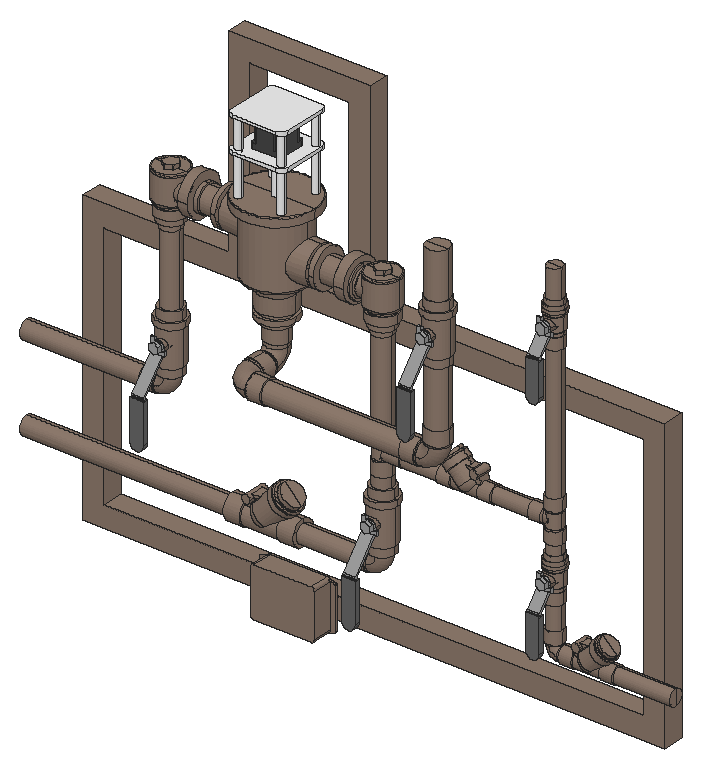
Revit family "Plumbing_Valves_Leonard-Valve_Proton-PNV-150-LF-R1", category Pipe Accessories, Revit 2018 (continued)
Definition of nested family "PNV-150-LF-R1"
  Lines and regions (in)
    model lines, detail levels coarse+medium
      curve 64: line (16.31591, -3.7, 8.93204) -> (14.43409, -3.7, 11.63905)
      curve 65: line (15.375, -3.7, 10.28555) -> (14.0205, -3.7, 10.28555)
      curve 66: line (14.0205, -3.7, 10.90916) -> (14.0205, -3.7, 9.65916)
      curve 67: line (16.31591, -3.7, 26.28758) -> (14.43553, -3.7, 26.28758)
      curve 68: line (14.43553, -3.7, 26.28758) -> (16.31735, -3.7, 28.99459)
      curve 69: line (16.31735, -3.7, 28.99459) -> (14.43409, -3.7, 28.99459)
      curve 70: line (16.31591, -3.7, 26.28758) -> (14.43409, -3.7, 28.99459)
      curve 71: line (15.375, -3.7, 27.64109) -> (14.0205, -3.7, 27.64109)
      curve 72: line (14.0205, -3.7, 28.26469) -> (14.0205, -3.7, 27.01469)
      curve 73: line (10.31591, -7.25, 25.09958) -> (8.43553, -7.25, 25.09958)
      curve 74: line (8.43553, -7.25, 25.09958) -> (10.31735, -7.25, 27.80659)
      curve 75: line (10.31735, -7.25, 27.80659) -> (8.43409, -7.25, 27.80659)
      curve 76: line (10.31591, -7.25, 25.09958) -> (8.43409, -7.25, 27.80659)
      curve 77: line (9.375, -7.25, 26.45308) -> (8.0205, -7.25, 26.45308)
      curve 78: line (8.0205, -7.25, 27.07669) -> (8.0205, -7.25, 25.82669)
      curve 79: line (7.56056, -3.7, 16.00148) -> (9.31204, -3.7, 14.25)
      curve 80: line (8.05908, -3.7, 16.5) -> (7.06204, -3.7, 15.50296)
      curve 81: line (19.53444, -3.7, 7.00148) -> (17.78296, -3.7, 5.25)
      curve 82: line (19.03592, -3.7, 7.5) -> (20.03296, -3.7, 6.50296)
      curve 83: line (-4.40806, -3.7, 8.87648) -> (-6.78454, -3.7, 6.5)
      curve 84: line (-5.03158, -3.7, 9.5) -> (-3.78454, -3.7, 8.25296)
      curve 85: line (-14.9795, -3.7, 13.75) -> (-14.9795, -3.7, 12.32425)
      curve 86: line (-14.51162, -3.7, 14.41692) -> (-12.76162, -3.7, 14.41692)
      curve 87: line (-8.38669, -3.7, 7.398) -> (-8.38669, -3.7, 5.648)
      curve 88: line (-4.25, -3.7, 7.398) -> (-4.25, -3.7, 5.648)
      curve 89: line (0.96116, -3.7, 7.19494) -> (0.96116, -3.7, 5.81641)
      curve 90: line (1.54047, -3.7, 7.88689) -> (3.22475, -3.7, 7.88689)
      curve 91: line (1.71549, -3.7, 15.31233) -> (2.96549, -3.7, 15.31233)
      curve 92: line (1.71549, -3.7, 13.17831) -> (2.96549, -3.7, 13.17831)
      curve 93: line (3.3798, -3.7, 14.76431) -> (3.3798, -3.7, 13.76431)
      curve 94: line (7.20745, -3.7, 14.82023) -> (7.20745, -3.7, 13.71945)
      curve 95: line (10.30455, -3.7, 14.82023) -> (10.30455, -3.7, 13.71945)
      curve 96: line (14.83466, -3.7, 15.36358) -> (15.92781, -3.7, 15.36358)
      curve 97: line (14.83466, -3.7, 13.14934) -> (15.92781, -3.7, 13.14934)
      curve 98: line (14.27992, -3.7, 14.82023) -> (14.27992, -3.7, 13.71945)
      curve 99: line (14.75918, -3.7, 6.37693) -> (15.94391, -3.7, 6.37693)
      curve 100: line (16.59225, -3.7, 5.83121) -> (16.59225, -3.7, 4.71966)
      curve 101: line (19.74467, -3.7, 5.83121) -> (19.74467, -3.7, 4.71966)
      curve 102: line (7.60399, -7.25, 18.48855) -> (7.60399, -7.25, 16.95509)
      curve 103: line (8.55153, -7.25, 19.50176) -> (10.16516, -7.25, 19.50176)
      curve 104: line (-4.01927, -6.43568, 17.71583) -> (-4.01927, -8.05384, 17.71583)
      curve 105: line (-6.45464, -5.71952, 17.71583) -> (-4.83803, -5.71952, 17.71583)
      curve 106: line (-5.625, -5.12079, 18.54876) -> (-5.625, -5.12079, 16.90426)
      curve 107: line (-5.625, -2.93704, 18.83519) -> (-5.625, -4.47355, 18.83519)
    symbolic lines, detail levels coarse+medium
      curve 108: line (-7.3605, -3.7, 17.71583) -> (-24.5, -3.7, 17.71583)
      curve 109: line (-10.125, -2.93704, 17.71583) -> (-10.125, -4.47355, 17.71583)
      curve 110: line (-3.8895, -3.7, 17.71583) -> (24.5, -3.7, 17.71583)
      curve 111: line (-5.625, -5.4355, 17.71583) -> (-5.625, -6.38386, 17.71583)
      curve 112: line (-4.75886, -7.25, 17.71583) -> (9.375, -7.25, 17.71583)
      curve 113: line (7.69674, -6.51438, 17.71583) -> (7.69674, -8.01438, 17.71583)
      curve 114: line (-4.01927, -6.43568, 17.71583) -> (-4.01927, -8.05384, 17.71583)
      curve 115: line (-6.45464, -5.71952, 17.71583) -> (-4.83803, -5.71952, 17.71583)
      curve 116: arc (-5.625, -6.38386, 17.71583) -> (-5.37213, -6.99713, 17.71583) -> (-4.75886, -7.25, 17.71583) r 0.86336
      curve 117: line (-1.12591, -2.89409, 17.71583) -> (-1.12591, -4.49546, 17.71583)
      curve 118: line (7.39889, -3.10032, 17.71583) -> (7.39889, -4.25134, 17.71583)
      curve 119: line (10.39889, -3.10032, 17.71583) -> (10.39889, -4.29058, 17.71583)
      curve 120: line (19.82843, -3.08909, 17.71583) -> (19.82843, -4.27196, 17.71583)
      curve 121: line (17.33, -3.15734, 17.71583) -> (17.33, -4.23405, 17.71583)
  Dimensions and locks (in)
    aligned and locked: level to plane 2
